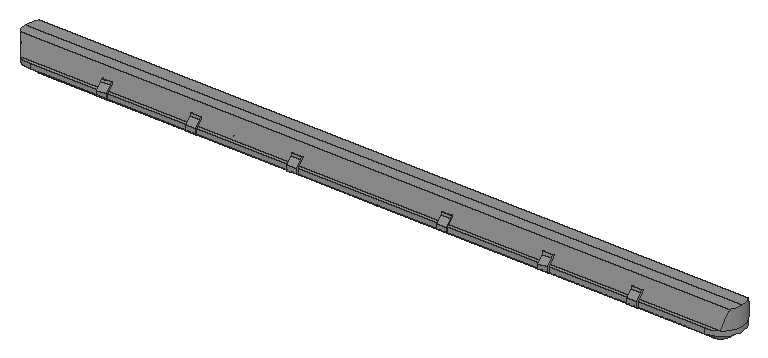
Revit family "ДСП-01 60 Вт 1500", category Осветительные приборы, Revit 2019 (continued)
Parameters (values of type "ДСП-01-ПП-60-1500-4К-IP65")
    282.9 281.7 280.3 278.9 277.3 275.8 274.1 272.4 270.4 268.6 266.5 264.5 262.3 260.1 257.8 255.5 253 250.6 248 245.4 242.7 240 237.2 234.4 231.5 228.6 225.6 222.7 219.6 216.6 213.4 210.3 207 203.8 200.5 197.2 193.8 190.4 186.9 183.5 180.1 176.7 173.2 169.8 166.4 163 159.6 156.1 152.7 149.3 146 142.5 139.1 135.7 132.4 129 125.7 122.3 118.9 115.5 112.1 108.6 105.1 101.6 98.2 94.7 91.4 88.2 85.2 82.2 79.3 76.5 73.7 71 68.4 65.8 63.2 60.6 58.1 55.6 53.1 50.7 48.4 46.2 44.1 42 40 37.9 35.9 34 32.2 30.4 28.6 26.9 25.3 23.7 22.1 20.7 19.2 17.9 16.5 15.3 14 12.9 11.8 10.7 9.7 8.7 7.8 7.1 6.4 5.7 5.3 5 4.8 4.9 4.9 4.9 4.9 4.8 4.9 4.9 4.8 4.8 4.9 4.9 4.8 4.8 4.8 4.8 4.8 4.8 4.8 4.7 4.7 4.7 4.7 4.7 4.7 4.7 4.7 4.7 4.7 4.7 4.8 4.7 2.3\r\n291.7 291.5 291.4 291.1 290.8 290.4 289.9 289.3 288.6 287.9 287.1 286.1 285 283.9 282.7 281.6 280 278.6 277 275.5 273.8 272 270.1 268.2 266.1 264.1 261.9 259.6 257.3 255 252.5 250 247.4 244.7 242.1 239.4 236.6 233.8 230.9 228 225.1 222.2 219.1 216 212.9 209.7 206.4 203.2 199.8 196.5 193.1 189.6 186.1 182.7 179.2 175.9 172.4 168.9 165.5 162.1 158.7 155.2 151.9 148.5 145.1 141.7 138.3 135 131.7 128.3 125 121.7 118.3 114.9 111.6 108.1 104.7 101.2 97.9 94.4 91.1 87.9 84.8 81.8 79 76.2 73.4 70.7 68.1 65.5 63 60.4 57.8 55.3 52.7 50.3 48 45.9 43.8 41.6 39.7 37.6 35.6 33.8 31.9 30.1 28.3 26.7 25 23.5 21.9 20.5 19.1 17.7 16.4 15.2 13.9 12.8 11.7 10.6 9.6 8.7 7.8 7 6.3 5.7 5.2 4.9 4.8 4.8 4.8 4.8 4.8 4.8 4.8 4.8 4.8 4.8 4.8 4.8 4.8 4.8 4.8 4.8 4.8 4.8 4.8 4.8 4.8 4.8 4.8 4.8 4.8 4.8 4.8 4.8 4.9 4.9 4.9 4.8 0\r\n291.6 291.5 291.3 291 290.7 290.3 289.8 289.1 288.5 287.7 286.8 285.9 284.8 283.7 282.5 281.3 279.8 278.3 276.7 275.2 273.4 271.6 269.7 267.8 265.7 263.7 261.4 259.1 256.8 254.5 252 249.5 246.9 244.2 241.5 238.9 236 233.2 230.3 227.4 224.4 221.4 218.3 215.3 212.1 208.9 205.6 202.4 198.9 195.6 192.2 188.7 185.2 181.8 178.3 174.9 171.5 168 164.6 161.2 157.8 154.4 151 147.6 144.3 140.9 137.5 134.1 130.8 127.4 124.2 120.8 117.4 114.1 110.7 107.3 103.8 100.4 97 93.5 90.2 87 84 81 78.2 75.4 72.6 69.9 67.3 64.7 62.1 59.5 56.9 54.3 51.7 49.1 46.8 44.7 42.7 40.7 38.8 36.8 34.8 33 31.2 29.4 27.7 26 24.5 22.9 21.4 20 18.6 17.3 16 14.8 13.6 12.5 11.4 10.3 9.4 8.5 7.6 6.9 6.2 5.6 5.2 4.9 4.8 4.8 4.8 4.8 4.8 4.8 4.8 4.8 4.8 4.8 4.8 4.8 4.8 4.8 4.8 4.8 4.8 4.8 4.8 4.8 4.8 4.8 4.8 4.8 4.8 4.8 4.8 4.8 4.9 4.9 4.9 4.9 2.5\r\n291.5 291.4 291.3 290.9 290.6 290.2 289.6 289 288.3 287.5 286.6 285.6 284.6 283.4 282.2 281 279.5 278 276.4 274.9 273 271.2 269.4 267.4 265.3 263.2 261 258.7 256.4 254 251.5 249 246.4 243.7 241 238.3 235.4 232.6 229.7 226.8 223.7 220.7 217.6 214.5 211.2 208 204.8 201.5 198 194.7 191.2 187.8 184.3 180.9 177.4 173.9 170.6 167.1 163.7 160.3 156.9 153.5 150.1 146.7 143.4 140 136.7 133.3 130 126.6 123.3 119.9 116.6 113.2 109.8 106.4 103 99.5 96.1 92.6 89.4 86.2 83.1 80.2 77.4 74.5 71.8 69.1 66.4 63.8 61.2 58.6 56.1 53.3 50.6 48 45.6 43.6 41.7 39.7 37.9 36 34 32.2 30.4 28.7 27 25.4 23.9 22.4 20.9 19.5 18.2 16.9 15.6 14.4 13.2 12.1 11.1 10.1 9.1 8.3 7.4 6.7 6.1 5.5 5.1 4.9 4.9 4.9 4.9 4.9 4.9 4.9 4.9 4.9 4.9 4.8 4.8 4.8 4.8 4.9 4.8 4.9 4.8 4.8 4.8 4.8 4.8 4.8 4.8 4.8 4.8 4.9 4.9 4.9 4.9 4.9 4.9 4.9 4.9\r\n291.5 291.4 291.2 291 290.6 290.1 289.6 289 288.3 287.4 286.5 285.6 284.5 283.4 282.1 280.9 279.4 277.9 276.3 274.7 272.9 271.1 269.2 267.2 265.1 263 260.8 258.5 256.1 253.7 251.2 248.7 246.1 243.4 240.6 238 235.1 232.3 229.3 226.4 223.4 220.4 217.2 214.1 210.8 207.6 204.3 201 197.5 194.1 190.7 187.2 183.7 180.2 176.7 173.3 169.8 166.4 163 159.5 156.1 152.7 149.3 145.9 142.5 139 135.7 132.3 129 125.6 122.3 118.9 115.5 112.1 108.8 105.3 101.9 98.5 95 91.5 88.3 85 82 79 76.2 73.3 70.6 67.9 65.2 62.6 59.9 57.3 54.7 51.8 49 46.3 44 41.9 40.1 38.3 36.5 34.7 32.8 31.1 29.3 27.6 26 24.5 23 21.5 20.1 18.7 17.4 16.2 15 13.8 12.7 11.6 10.6 9.6 8.8 7.9 7.1 6.5 5.9 5.4 5 4.9 4.9 4.9 4.9 4.9 4.9 4.9 4.9 4.9 4.9 4.9 4.8 4.8 4.8 4.8 4.8 4.8 4.9 4.8 4.8 4.8 4.8 4.8 4.8 4.9 4.9 4.9 4.9 4.9 2.5 2.4 2.5 2.5 2.5\r\n291.5 291.4 291.2 291 290.6 290.1 289.5 289 288.2 287.4 286.5 285.5 284.4 283.3 282 280.7 279.3 277.8 276.3 274.6 272.8 270.9 269 267 265 262.8 260.6 258.3 255.9 253.5 251 248.4 245.8 243.1 240.3 237.6 234.8 231.9 229 226.1 223.1 220 216.9 213.7 210.4 207.2 203.9 200.5 197 193.6 190.1 186.6 183 179.6 176 172.6 169.1 165.6 162.2 158.8 155.4 151.8 148.4 145 141.5 138.1 134.7 131.3 127.9 124.6 121.2 117.9 114.5 111.1 107.7 104.2 100.8 97.4 93.9 90.4 87.1 83.8 80.8 77.8 75 72.2 69.4 66.7 64.1 61.3 58.6 56 53.2 50.3 47.4 44.6 42.3 40.3 38.5 36.9 35.2 33.4 31.6 29.9 28.2 26.6 25 23.5 22 20.7 19.3 18 16.7 15.5 14.3 13.3 12.2 11.2 10.2 9.2 8.4 7.5 6.9 6.2 5.7 5.3 5 4.9 4.9 4.9 4.9 4.9 4.9 4.9 4.9 4.9 4.9 4.9 4.8 4.8 4.8 4.8 4.8 4.8 4.9 4.9 4.8 4.8 4.8 4.8 4.9 4.9 4.9 4.9 4.9 4.9 0 0 0 0 0\r\n291.6 291.4 291.2 290.9 290.5 290.1 289.5 288.9 288.2 287.4 286.5 285.5 284.4 283.2 281.9 280.5 279.1 277.5 275.9 274.2 272.4 270.6 268.6 266.6 264.5 262.4 260.1 257.8 255.4 253 250.4 247.9 245.2 242.5 239.7 237 234.2 231.3 228.3 225.4 222.3 219.2 216 212.8 209.5 206.2 202.8 199.5 196 192.6 189.1 185.6 182 178.6 175 171.6 168.1 164.6 161.2 157.7 154.3 150.7 147.3 143.9 140.5 137 133.6 130.2 126.9 123.5 120.2 116.8 113.4 110 106.6 103.1 99.7 96.2 92.8 89.3 85.9 82.6 79.6 76.6 73.8 70.9 68.2 65.4 62.7 60 57.3 54.5 51.8 48.8 45.9 43.1 40.8 38.8 37.1 35.5 33.9 32.2 30.5 28.8 27.1 25.5 24 22.6 21.1 19.8 18.5 17.2 16 14.8 13.7 12.6 11.6 10.6 9.7 8.8 8 7.2 6.5 6 5.5 5.1 5 4.9 4.9 4.9 4.9 4.9 4.9 4.9 4.9 4.9 4.9 4.9 4.8 4.8 4.8 4.8 4.8 4.8 4.8 4.8 4.8 4.8 4.8 4.8 4.8 4.8 4.9 4.9 4.9 4.9 2.4 2.4 2.4 2.4 0\r\n291.6 291.4 291.2 290.9 290.5 290.1 289.5 288.8 288.1 287.3 286.5 285.4 284.3 283.1 281.7 280.3 278.8 277.2 275.6 273.9 272.1 270.2 268.3 266.2 264.1 261.9 259.7 257.3 254.8 252.5 249.9 247.3 244.7 241.9 239.2 236.4 233.5 230.7 227.6 224.7 221.5 218.4 215.2 211.9 208.6 205.2 201.8 198.4 195 191.6 188.1 184.6 181 177.6 174 170.5 167 163.5 160.1 156.6 153.2 149.7 146.3 142.8 139.4 135.9 132.5 129.1 125.8 122.4 119.1 115.7 112.3 108.9 105.4 101.9 98.5 95 91.6 88.1 84.7 81.5 78.4 75.4 72.5 69.7 66.9 64.1 61.4 58.7 55.9 53.1 50.3 47.3 44.3 41.5 39.2 37.3 35.7 34.2 32.6 31 29.3 27.6 26 24.5 23.1 21.7 20.2 19 17.7 16.4 15.2 14.1 13.1 12 11.1 10.1 9.2 8.3 7.6 6.9 6.2 5.7 5.3 5 4.9 4.9 4.9 4.9 4.9 4.9 4.9 4.9 4.9 4.9 4.9 4.9 4.8 4.8 4.8 4.8 4.8 4.8 4.8 4.8 4.8 4.8 4.7 4.8 4.8 4.8 4.8 4.8 4.8 4.8 4.8 4.8 4.8 4.8 0\r\n291.6 291.4 291.2 290.9 290.5 290 289.4 288.7 288 287.2 286.2 285.2 284.1 282.8 281.5 280.1 278.6 277 275.4 273.6 271.8 269.9 268 265.9 263.8 261.6 259.3 256.9 254.5 252 249.5 246.9 244.2 241.5 238.8 236 233.1 230.2 227.1 224.1 220.9 217.7 214.5 211.2 207.8 204.4 201 197.6 194.1 190.7 187.1 183.7 180.1 176.6 172.9 169.4 165.8 162.3 158.8 155.2 151.8 148.2 144.8 141.3 137.9 134.3 131 127.6 124.2 120.7 117.4 113.9 110.6 107.1 103.7 100.2 96.8 93.3 89.9 86.3 82.9 79.7 76.6 73.6 70.7 67.8 65 62.2 59.4 56.6 53.9 51.1 48.3 45.2 42.2 39.4 37.2 35.5 34 32.5 31 29.4 27.7 26.1 24.6 23.2 21.8 20.4 19.1 17.9 16.6 15.4 14.3 13.3 12.3 11.3 10.4 9.5 8.6 7.8 7.1 6.5 5.9 5.4 5.1 5 4.9 4.9 4.9 4.9 4.9 4.9 4.9 4.9 4.9 4.9 4.9 4.9 4.8 4.8 4.8 4.8 4.8 4.8 4.8 4.8 4.8 4.8 4.8 4.8 4.8 4.8 4.8 4.8 4.8 4.9 4.8 4.8 4.8 4.8 2.4\r\n291.6 291.4 291.3 290.9 290.4 289.9 289.3 288.6 287.8 287 286 285 283.8 282.6 281.3 279.9 278.4 276.8 275.1 273.4 271.5 269.7 267.6 265.6 263.5 261.3 258.9 256.6 254.1 251.6 249.1 246.5 243.8 241.1 238.4 235.6 232.6 229.7 226.6 223.5 220.3 217.1 213.7 210.5 207.1 203.6 200.1 196.7 193.2 189.7 186.2 182.7 179.1 175.6 171.9 168.3 164.6 161 157.5 153.9 150.4 146.8 143.3 139.8 136.4 132.8 129.4 126 122.6 119.1 115.7 112.2 108.9 105.4 101.9 98.5 95.1 91.5 88.1 84.6 81.2 77.9 74.8 71.8 68.9 66 63.2 60.3 57.5 54.6 51.8 49 46.2 43.1 40 37.3 35.3 33.6 32.2 30.8 29.4 27.8 26.2 24.6 23.2 21.8 20.5 19.2 18 16.8 15.5 14.5 13.4 12.5 11.5 10.6 9.7 8.8 8 7.3 6.7 6.1 5.6 5.2 5 4.9 4.9 4.9 4.9 4.9 4.9 4.9 4.9 4.9 4.9 4.9 4.9 4.9 4.9 4.8 4.8 4.8 4.9 4.8 4.8 4.8 4.8 4.8 4.8 4.8 4.8 4.8 4.8 4.9 4.9 4.9 4.8 4.9 4.9 4.9 4.8\r\n291.6 291.4 291.2 290.8 290.4 289.8 289.2 288.6 287.8 286.9 285.9 284.8 283.7 282.5 281.1 279.7 278.2 276.6 274.9 273.2 271.3 269.5 267.4 265.3 263.2 260.9 258.5 256.2 253.7 251.2 248.6 246 243.3 240.5 237.7 234.8 231.8 228.8 225.7 222.6 219.4 216.2 212.9 209.6 206.2 202.8 199.2 195.8 192.2 188.7 185 181.5 177.8 174.2 170.5 166.9 163.2 159.6 156 152.4 148.8 145.3 141.7 138.2 134.7 131.1 127.7 124.2 120.8 117.3 113.9 110.5 107.1 103.6 100.2 96.7 93.3 89.7 86.3 82.8 79.3 76 72.9 69.9 67 64.1 61.2 58.3 55.5 52.6 49.8 46.9 44.1 40.9 37.8 35.3 33.3 31.8 30.4 29.1 27.7 26.2 24.6 23.2 21.8 20.5 19.2 18 16.7 15.6 14.5 13.5 12.5 11.6 10.7 9.8 8.9 8.2 7.4 6.8 6.2 5.7 5.3 5.1 4.9 4.9 4.9 4.9 4.9 4.9 4.9 4.9 4.9 4.9 4.9 4.9 4.9 4.9 4.8 4.8 4.8 4.8 4.9 4.8 4.8 4.8 4.8 4.8 4.8 4.8 4.8 4.9 4.9 4.9 4.9 4.9 4.9 4.9 4.9 4.9 4.8\r\n291.6 291.4 291.1 290.8 290.3 289.8 289.2 288.5 287.7 286.8 285.7 284.7 283.5 282.3 281 279.5 278 276.4 274.7 273 271.1 269.2 267.1 265 262.9 260.6 258.2 255.8 253.3 250.8 248.2 245.5 242.7 239.9 237 234.1 231 227.9 224.8 221.7 218.5 215.3 212 208.8 205.3 201.9 198.3 194.8 191.2 187.6 183.9 180.2 176.5 172.8 169.1 165.5 161.8 158.2 154.6 150.9 147.3 143.7 140.1 136.5 133 129.4 125.9 122.5 119 115.6 112.1 108.7 105.3 101.9 98.5 94.9 91.5 87.9 84.5 80.9 77.4 74.1 71.1 68 65.1 62.1 59.3 56.4 53.5 50.6 47.7 44.9 42.1 38.7 35.6 33.2 31.4 29.9 28.7 27.4 26.1 24.5 23.1 21.7 20.4 19.1 17.9 16.7 15.5 14.4 13.4 12.5 11.6 10.7 9.8 9 8.2 7.5 6.9 6.3 5.7 5.3 5 4.9 4.9 4.9 4.9 4.9 4.9 4.9 4.9 4.9 4.9 4.9 4.9 4.9 4.9 4.9 4.8 4.8 4.8 4.9 4.9 4.9 4.8 4.8 4.8 4.8 4.9 4.9 4.9 4.9 4.9 4.9 4.9 4.9 4.9 4.9 4.9 4.9 4.9\r\n291.6 291.4 291.1 290.8 290.3 289.8 289.2 288.5 287.6 286.7 285.7 284.6 283.4 282.2 280.8 279.4 277.9 276.3 274.5 272.7 270.8 268.9 266.8 264.7 262.5 260.2 257.9 255.5 253 250.4 247.8 245.1 242.3 239.5 236.6 233.7 230.7 227.6 224.4 221.3 218 214.7 211.3 208 204.4 201 197.4 193.8 190.2 186.6 182.9 179.3 175.6 171.9 168.2 164.5 160.7 157 153.4 149.6 146 142.4 138.7 135.2 131.6 128 124.5 121 117.5 113.9 110.5 107 103.6 100.1 96.7 93.2 89.7 86.2 82.7 79.2 75.7 72.3 69.2 66.1 63.1 60.2 57.3 54.3 51.5 48.5 45.7 42.9 40 36.7 33.6 31.2 29.5 28.2 27 25.8 24.5 23.1 21.7 20.3 19.1 17.9 16.7 15.6 14.5 13.5 12.5 11.6 10.8 9.9 9.1 8.3 7.6 7 6.4 5.9 5.4 5.1 4.9 4.8 4.8 4.8 4.9 4.8 4.8 4.9 4.9 4.9 4.9 4.9 4.8 4.8 4.8 4.8 4.8 4.8 4.8 4.8 4.8 4.8 4.8 4.8 4.8 4.8 4.8 4.8 4.8 4.8 4.9 4.8 4.8 4.8 4.8 4.8 4.8 2.4 2.4\r\n291.7 291.4 291.1 290.8 290.3 289.8 289.1 288.4 287.6 286.6 285.6 284.5 283.3 282 280.7 279.3 277.7 276.1 274.2 272.5 270.5 268.6 266.5 264.4 262.2 259.9 257.6 255.1 252.6 250.1 247.4 244.7 241.9 239.1 236.2 233.3 230.3 227.2 224 220.9 217.5 214.1 210.6 207.1 203.5 200 196.4 192.9 189.2 185.7 182 178.4 174.7 171 167.2 163.5 159.7 155.9 152.1 148.4 144.7 141 137.4 133.8 130.2 126.6 123.1 119.5 116 112.3 108.9 105.3 101.9 98.3 94.9 91.4 87.9 84.4 81 77.4 73.9 70.5 67.3 64.1 61.2 58.2 55.3 52.3 49.4 46.5 43.7 40.9 37.9 34.6 31.6 29.3 27.6 26.4 25.4 24.3 23 21.6 20.2 19 17.8 16.7 15.6 14.5 13.4 12.5 11.6 10.8 10 9.2 8.4 7.7 7 6.4 5.8 5.5 5.1 4.9 4.8 4.7 4.8 4.8 4.8 4.7 4.8 4.8 4.8 4.8 4.8 4.8 4.8 4.8 4.8 4.8 4.7 4.8 4.8 4.8 4.7 4.7 4.7 4.7 4.7 4.8 4.8 4.8 4.8 4.7 4.8 4.8 4.8 4.8 4.8 4.8 4.8 0 0\r\n291.7 291.4 291.2 290.8 290.3 289.8 289.1 288.4 287.6 286.6 285.6 284.5 283.3 282 280.6 279.2 277.6 276 274.1 272.4 270.4 268.4 266.4 264.2 262 259.7 257.3 254.9 252.3 249.8 247 244.3 241.5 238.6 235.7 232.7 229.6 226.6 223.3 220.1 216.7 213.4 209.9 206.4 202.7 199.2 195.5 191.9 188.1 184.5 180.8 177.2 173.4 169.8 165.9 162.2 158.4 154.5 150.8 146.9 143.2 139.4 135.8 132.1 128.5 124.8 121.2 117.6 114 110.4 106.9 103.3 99.9 96.3 92.9 89.4 85.9 82.4 79 75.4 72 68.5 65.2 62 59.1 56.1 53.2 50.3 47.4 44.4 41.6 38.8 35.7 32.4 29.5 27.2 25.7 24.6 23.6 22.5 21.3 20 18.7 17.6 16.4 15.4 14.3 13.3 12.3 11.5 10.6 9.9 9 8.3 7.6 7 6.4 5.9 5.4 5.2 4.9 4.8 4.8 4.7 4.8 4.7 4.8 4.7 4.8 4.8 4.8 4.8 4.8 4.8 4.8 4.8 4.7 4.7 4.7 4.7 4.7 4.7 4.7 4.7 4.7 4.7 4.7 4.7 4.7 4.7 4.8 4.7 4.8 4.7 4.7 4.7 4.7 2.4 2.4 0 0\r\n291.7 291.5 291.2 290.8 290.4 289.8 289.1 288.4 287.5 286.6 285.6 284.4 283.2 282 280.6 279.1 277.5 275.8 274 272.2 270.3 268.3 266.2 264.1 261.8 259.5 257.1 254.6 252 249.5 246.7 243.9 241.1 238.1 235.1 232.1 228.9 225.9 222.6 219.3 216 212.6 209.1 205.6 201.9 198.3 194.6 190.9 187.1 183.4 179.6 175.9 172.1 168.5 164.7 160.9 157.1 153.2 149.4 145.5 141.7 137.9 134.2 130.4 126.7 123 119.4 115.7 112.1 108.4 104.9 101.4 97.9 94.3 90.9 87.4 83.9 80.4 76.9 73.4 70 66.5 63.2 59.9 57 54 51.1 48.2 45.3 42.3 39.5 36.6 33.6 30.3 27.4 25.2 23.7 22.7 21.8 20.8 19.6 18.4 17.2 16.1 15.1 14 13 12 11.2 10.4 9.6 8.9 8.1 7.5 6.8 6.3 5.8 5.4 5 4.8 4.7 4.7 4.7 4.7 4.7 4.7 4.7 4.8 4.8 4.7 4.8 4.8 4.8 4.8 4.7 4.8 4.7 4.7 4.7 4.7 4.7 4.7 4.7 4.7 4.7 4.7 4.7 4.7 4.7 4.7 4.8 4.8 4.7 4.7 4.7 4.7 4.7 0 0 0 0\r\n291.7 291.4 291.2 290.8 290.3 289.7 289 288.3 287.5 286.5 285.5 284.3 283.1 281.8 280.4 278.9 277.3 275.6 273.8 272 270 268 265.9 263.7 261.5 259.1 256.7 254.2 251.6 249 246.2 243.5 240.6 237.7 234.7 231.7 228.6 225.4 222.2 218.9 215.5 212.1 208.5 204.9 201.2 197.5 193.7 190.1 186.3 182.6 178.8 175.1 171.3 167.6 163.7 159.9 156 152.1 148.2 144.2 140.4 136.4 132.7 128.8 125.1 121.3 117.7 114 110.3 106.6 103 99.3 95.8 92.2 88.7 85.1 81.7 78.2 74.7 71.2 67.7 64.2 60.9 57.6 54.6 51.6 48.7 45.7 42.8 39.8 36.9 34 30.9 27.5 24.8 22.9 21.7 20.8 19.9 18.9 17.8 16.6 15.6 14.6 13.6 12.6 11.7 10.9 10.1 9.4 8.6 7.9 7.3 6.7 6.2 5.7 5.4 5 4.8 4.7 4.7 4.7 4.7 4.7 4.7 4.7 4.7 4.7 4.7 4.7 4.7 4.7 4.7 4.7 4.7 4.7 4.7 4.7 4.7 4.7 4.7 4.7 4.7 4.7 4.7 4.7 4.7 4.7 4.7 4.7 4.7 4.7 4.7 4.7 4.7 4.7 4.7 2.4 2.4 2.4 2.4\r\n291.7 291.4 291.1 290.7 290.2 289.6 288.9 288.2 287.4 286.3 285.3 284.2 282.9 281.6 280.2 278.6 277 275.3 273.5 271.7 269.7 267.7 265.6 263.4 261.1 258.7 256.2 253.8 251.1 248.5 245.8 243 240.2 237.3 234.3 231.4 228.2 225 221.8 218.5 215 211.5 207.8 204.2 200.5 196.7 192.9 189.2 185.5 181.7 178 174.2 170.4 166.6 162.7 158.9 154.9 150.9 146.9 142.9 139 135 131.2 127.3 123.5 119.6 115.9 112.2 108.5 104.7 101 97.3 93.7 90 86.5 82.9 79.5 76 72.5 69 65.5 62 58.6 55.2 52.2 49.2 46.2 43.2 40.3 37.2 34.4 31.4 28.2 24.8 22.3 20.6 19.7 19 18.1 17.1 15.9 14.9 13.9 13 12 11.1 10.3 9.7 9.1 8.3 7.6 7 6.4 5.9 5.5 5.1 4.9 4.7 4.7 4.7 4.7 4.7 4.7 4.7 4.7 4.7 4.7 4.7 4.7 4.7 4.7 4.7 4.6 4.7 4.7 4.7 4.7 4.6 4.6 4.7 4.7 4.7 4.7 4.7 4.7 4.7 4.8 4.8 4.7 4.8 4.7 4.7 4.7 4.7 4.8 4.8 4.8 4.8 4.8 4.7 4.8\r\n291.7 291.4 291.1 290.7 290.2 289.6 288.9 288.2 287.3 286.3 285.2 284.1 282.8 281.5 280 278.5 276.9 275.2 273.3 271.5 269.5 267.4 265.3 263.1 260.8 258.4 255.9 253.4 250.8 248.1 245.3 242.5 239.6 236.7 233.6 230.6 227.5 224.3 221 217.7 214.3 210.8 207.2 203.6 199.8 196.1 192.2 188.5 184.6 180.8 176.9 173.1 169.2 165.4 161.4 157.5 153.6 149.6 145.6 141.6 137.6 133.5 129.6 125.6 121.7 117.8 114 110.2 106.4 102.6 98.9 95.1 91.5 87.8 84.3 80.7 77.2 73.7 70.2 66.7 63.2 59.7 56.3 52.9 49.8 46.8 43.9 40.9 38 35 32.1 29.1 25.8 22.5 20.2 18.7 18 17.3 16.4 15.5 14.4 13.4 12.6 11.7 10.8 10 9.3 8.7 8.1 7.5 6.9 6.3 5.8 5.4 5.1 4.9 4.7 4.6 4.6 4.6 4.6 4.6 4.6 4.6 4.6 4.6 4.6 4.6 4.6 4.6 4.6 4.6 4.6 4.6 4.7 4.6 4.6 4.6 4.6 4.6 4.7 4.7 4.7 4.7 4.7 4.7 4.7 4.7 4.7 4.7 4.7 4.7 4.7 4.7 4.8 4.8 4.8 4.8 4.8 4.7 4.8\r\n291.7 291.4 291.1 290.7 290.2 289.6 289 288.2 287.3 286.3 285.2 284 282.7 281.4 279.9 278.4 276.7 275 273.2 271.2 269.3 267.2 265 262.8 260.5 258.1 255.6 253.1 250.4 247.7 244.9 242 239 236 233 229.9 226.7 223.5 220.2 217 213.6 210.1 206.6 203 199.2 195.4 191.5 187.7 183.8 179.8 175.9 172 168 164.1 160.2 156.2 152.2 148.2 144.2 140.2 136.1 132.1 128 124 119.9 116 112.1 108.2 104.3 100.5 96.8 93 89.3 85.6 82 78.4 74.9 71.3 67.9 64.3 60.9 57.4 53.9 50.6 47.4 44.4 41.5 38.6 35.7 32.7 29.9 26.8 23.4 20.2 18.1 16.9 16.2 15.6 14.8 13.9 12.9 12 11.2 10.4 9.6 8.9 8.3 7.8 7.1 6.6 6.1 5.6 5.2 4.9 4.7 4.6 4.5 4.5 4.5 4.5 4.6 4.6 4.6 4.6 4.6 4.6 4.6 4.6 4.6 4.6 4.6 4.6 4.6 4.6 4.6 4.6 4.6 4.6 4.6 4.6 4.7 4.7 4.7 4.7 4.7 4.7 4.7 4.7 4.8 4.
